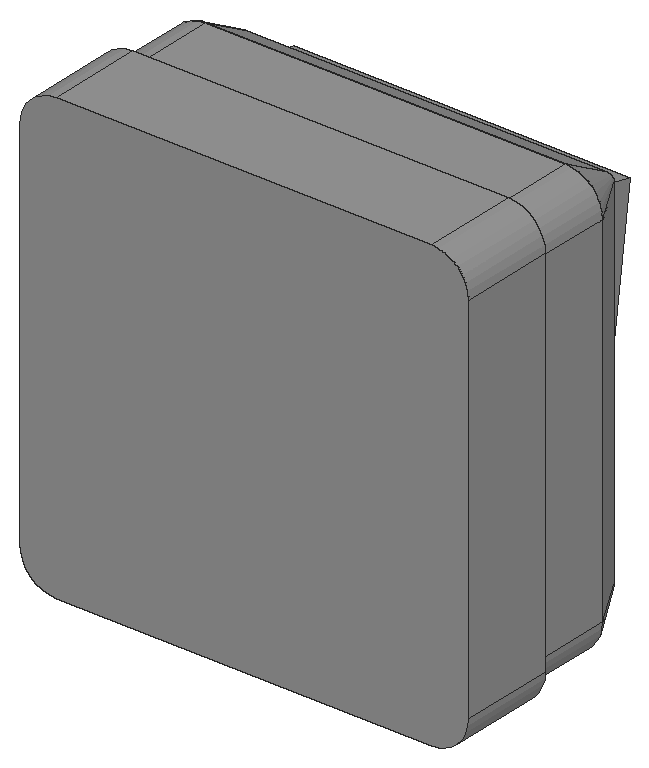
Revit family "IEK_Выключатель_ОткрытойУстановки_10А 1-клавишный IP20_ОКТАВА", category Выключатели, Revit 2019
Family settings
  Сохранять ориентацию аннотаций = Да
  Размер круглого соединителя = Использовать диаметр
  Тип детали = Нормальный
  На основе рабочей плоскости = Нет
  Всегда вертикально = Да
  При загрузке вырезать с полостями = Нет
  Общий = Нет
  Точка расчета площади = Нет
Parameters (values of type "ВСк20-1-0-ОКм")
  Ширина = 61 mm  # constant formula
  Тип монтажа = "Поверхность монтажа (открытая установка)"  # constant formula
  Степень защиты = "IP20"  # constant formula
  Изготовитель = "IEK"  # constant formula
  Дата изменения = ""
  Глубина = 37 mm  # constant formula
  Высота = 61 mm  # constant formula
  ΔХ [instance] = 2000 mm
  ΔY [instance] = 2000 mm
  KSI_CPr_Строительные изделия = "20.4.01"  # constant formula
  KSI_CMa_Строительные материалы = "01.7.14.03"  # constant formula
  IEK_Цена за единицу = 95.36
  IEK_Поиск в таблице имен = ""
  IEK_Описание = "Универсальный дизайн серии открытой установки \"ОКТАВА\" позволяет устанавливать изделия в квартирах, загородных домах, офисных и производственных помещениях."
  IEK_URL = "https://www.iek.ru/products/catalog/izdeliya_elektroustanovochnye_udliniteli_i_silovye_razemy/elektroustanovochnye_izdeliya/elektroustanovochnye_izdeliya_otkrytogo_montazha_ip20/elektroustanovochnye_izdeliya_oktava/elektroustanovochnye_izdeliya_oktava_tsvet_kremovyy/vyklyuchatel_1_klavishnyy_dlya_otkrytoy_ustanovki_knopochnyy_vsk20_1_0_okm_10a_oktava_kremovyy_iek"
  ADSK_Ток [instance] = 10 A  # constant formula
  ADSK_Примечание = ""
  ADSK_Полная мощность [instance] = ADSK_Номинальная мощность / ADSK_Коэффициент мощности  # 2200 VA
  ADSK_Позиция [instance] = ""
  ADSK_Номинальная мощность [instance] = ADSK_Ток * ADSK_Напряжение * sqrt(ADSK_Количество фаз числовое) * ADSK_Коэффициент мощности  # 2200 W
  ADSK_Напряжение = 220 V
  ADSK_Наименование = "Выключатель 1-клавишный для открытой установки кнопочный ВСк20-1-0-ОКм 10А ОКТАВА кремовый IEK"
  ADSK_Материал обозначение = ""
  ADSK_Материал наименование = "Пластик"  # constant formula
  ADSK_Материал = Цвет кремовый
  ADSK_Масса = 0.054  # constant formula
  ADSK_Марка = "ОКТАВА"  # constant formula
  ADSK_Коэффициент мощности [instance] = 1  # constant formula
  ADSK_Количество фаз числовое = 1
  ADSK_Количество фаз = 1
  ADSK_Код изделия = "EVO13-K33-10-DC"
  ADSK_Классификация нагрузок [instance] = Прочее
  ADSK_Завод-изготовитель = "IEK"  # constant formula
  ADSK_Единица измерения = "шт"  # constant formula
  ADSK_Группирование = "III ЭЛЕКТРОУСТАНОВОЧНЫЕ И ЭЛЕКТРОМОНТАЖНЫЕ ИЗДЕЛИЯ"  # constant formula
  ADSK_Версия семейства = "1.0"  # constant formula
  ADSK_Версия Revit = "2019"  # constant formula
  ADSK_URL страницы изделия = "https://www.iek.ru/products/catalog/izdeliya_elektroustanovochnye_udliniteli_i_silovye_razemy/elektroustanovochnye_izdeliya/elektroustanovochnye_izdeliya_otkrytogo_montazha_ip20/elektroustanovochnye_izdeliya_oktava/?pagec=10"
Types (4, lengths in mm): name | IEK_Цена за единицу | IEK_URL | ADSK_Наименование | ADSK_Материал | ADSK_Код изделия
  (no name) | 95.36 | "https://www.iek.ru/products/catalog/izdeliya_elektroustanovochnye_udliniteli_i_silovye_razemy/elektroustanovochnye_izdeliya/elektroustanovochnye_izdeliya_otkrytogo_montazha_ip20/elektroustanovochnye_izdeliya_oktava/elektroustanovochnye_izdeliya_oktava_tsvet_kremovyy/vyklyuchatel_1_klavishnyy_dlya_otkrytoy_ustanovki_knopochnyy_vsk20_1_0_okm_10a_oktava_kremovyy_iek" | "Выключатель 1-клавишный для открытой установки кнопочный ВСк20-1-0-ОКм 10А ОКТАВА кремовый IEK" | Цвет кремовый | "EVO13-K33-10-DC"
  ВСк20-1-0-ОКм | 95.36 | "https://www.iek.ru/products/catalog/izdeliya_elektroustanovochnye_udliniteli_i_silovye_razemy/elektroustanovochnye_izdeliya/elektroustanovochnye_izdeliya_otkrytogo_montazha_ip20/elektroustanovochnye_izdeliya_oktava/elektroustanovochnye_izdeliya_oktava_tsvet_kremovyy/vyklyuchatel_1_klavishnyy_dlya_otkrytoy_ustanovki_knopochnyy_vsk20_1_0_okm_10a_oktava_kremovyy_iek" | "Выключатель 1-клавишный для открытой установки кнопочный ВСк20-1-0-ОКм 10А ОКТАВА кремовый IEK" | Цвет кремовый | "EVO13-K33-10-DC"
  ВС20-1-0-ОКм | 88.66 | "https://www.iek.ru/products/catalog/izdeliya_elektroustanovochnye_udliniteli_i_silovye_razemy/elektroustanovochnye_izdeliya/elektroustanovochnye_izdeliya_otkrytogo_montazha_ip20/elektroustanovochnye_izdeliya_oktava/elektroustanovochnye_izdeliya_oktava_tsvet_kremovyy/vyklyuchatel_1_klavishnyy_dlya_otkrytoy_ustanovki_vs20_1_0_okm_10a_oktava_kremovyy_iek" | "Выключатель 1-клавишный для открытой установки ВС20-1-0-ОКм 10А ОКТАВА кремовый IEK" | Цвет кремовый | "EVO10-K33-10-DC"
  ВС20-1-0-ОС | 161.86 | "https://www.iek.ru/products/catalog/izdeliya_elektroustanovochnye_udliniteli_i_silovye_razemy/elektroustanovochnye_izdeliya/elektroustanovochnye_izdeliya_otkrytogo_montazha_ip20/elektroustanovochnye_izdeliya_oktava/elektroustanovochnye_izdeliya_oktava_tsvet_sosna/vyklyuchatel_1_klavishnyy_dlya_otkrytoy_ustanovki_vs20_1_0_os_10a_oktava_sosna_iek" | "Выключатель 1-клавишный для открытой установки ВС20-1-0-ОС 10А ОКТАВА сосна IEK" | Цвет сосна | "EVO10-K03-10-DC"
Reference planes
  plane 1 "По центру (Вперед/Назад)": y = 0
  plane 2: z = 0
  plane 3 "По центру (Влево/Вправо)": x = 0
  plane 4 "Высота ножек": z = 280
  plane 5 "Высота": z = 2081.496
  plane 6: x = -2000
  plane 7: y = 2000
Forms (mm)
  Extrusion 1, solid, detail levels coarse
    sketch origin (0, 24, 0) x (1, 0, 0) y (0, 1, 0)
      loop
        line (-30.5, -24) -> (30.5, -24) -> (30.5, 13) -> (-30.5, 13) -> (-30.5, -24)
    from 0 to 61
  Extrusion 2, solid, detail levels medium
    sketch origin (0, 24, 0) x (1, 0, 0) y (0, 1, 0)
      loop
        line (-30.5, 13) -> (-30.5, -24) -> (30.5, -24) -> (30.5, 13) -> (-30.5, 13)
    from 0 to 61
  Extrusion 3, solid, material "Цвет кремовый" <- "ADSK_Материал", detail levels fine
    sketch origin (0, 0, 30.5) x (1, 0, 0) y (0, 0, -1)
      loop
        line (-30.5, 25.5) -> (-30.5, -25.5)
        arc (-30.5, -25.5) -> (-29.036, -29.036) -> (-25.5, -30.5) r 5
        line (-25.5, -30.5) -> (25.5, -30.5)
        arc (25.5, -30.5) -> (29.036, -29.036) -> (30.5, -25.5) r 5
        line (30.5, -25.5) -> (30.5, 25.5)
        arc (30.5, 25.5) -> (29.036, 29.036) -> (25.5, 30.5) r 5
        line (25.5, 30.5) -> (-25.5, 30.5)
        arc (-25.5, 30.5) -> (-29.036, 29.036) -> (-30.5, 25.5) r 5
    from 0 to 13
  Extrusion 4, solid, material "Цвет кремовый" <- "ADSK_Материал", detail levels fine
    sketch origin (0, 0, 30.5) x (1, 0, 0) y (0, 0, -1)
      loop
        line (-29.5, 24.462) -> (-29.5, -24.462)
        arc (-29.5, -24.462) -> (-28.024, -28.024) -> (-24.462, -29.5) r 5.038
        line (-24.462, -29.5) -> (24.505, -29.5)
        arc (24.505, -29.5) -> (28.037, -28.037) -> (29.5, -24.505) r 4.995
        line (29.5, -24.505) -> (29.5, 24.505)
        arc (29.5, 24.505) -> (28.037, 28.037) -> (24.505, 29.5) r 4.995
        line (24.505, 29.5) -> (-24.462, 29.5)
        arc (-24.462, 29.5) -> (-28.024, 28.024) -> (-29.5, 24.462) r 5.038
    from 13 to 24
  Blend 5, solid, material "Цвет кремовый" <- "ADSK_Материал", detail levels fine
    base sketch origin (0, 0, 30.5) x (1, 0, 0) y (0, 0, -1)
      loop
        line (-29.5, 24.462) -> (-29.5, -24.462)
        arc (-29.5, -24.462) -> (-28.024, -28.024) -> (-24.462, -29.5) r 5.038
        line (-24.462, -29.5) -> (24.505, -29.5)
        arc (24.505, -29.5) -> (28.037, -28.037) -> (29.5, -24.505) r 4.995
        line (29.5, -24.505) -> (29.5, 24.505)
        arc (29.5, 24.505) -> (28.037, 28.037) -> (24.505, 29.5) r 4.995
        line (24.505, 29.5) -> (-24.462, 29.5)
        arc (-24.462, 29.5) -> (-28.024, 28.024) -> (-29.5, 24.462) r 5.038
    top sketch origin (0, 0, 30.5) x (1, 0, 0) y (0, 0, -1)
      loop
        line (-25.459, 24.5) -> (-25.459, -24.5)
        arc (-25.459, -24.5) -> (-25.178, -25.178) -> (-24.5, -25.459) r 0.959
        line (-24.5, -25.459) -> (24.5, -25.459)
        arc (24.5, -25.459) -> (25.178, -25.178) -> (25.459, -24.5) r 0.959
        line (25.459, -24.5) -> (25.459, 24.5)
        arc (25.459, 24.5) -> (25.178, 25.178) -> (24.5, 25.459) r 0.959
        line (24.5, 25.459) -> (-24.5, 25.459)
        arc (-24.5, 25.459) -> (-25.178, 25.178) -> (-25.459, 24.5) r 0.959
    from 24 to 31
  Extrusion 6, void
    sketch origin (0, 0, 30.5) x (1, 0, 0) y (0, 0, -1)
      loop
        arc (-23.459, -21.459) -> (-22.873, -22.873) -> (-21.459, -23.459) r 2
        line (-21.459, -23.459) -> (21.459, -23.459)
        arc (21.459, -23.459) -> (22.873, -22.873) -> (23.459, -21.459) r 2
        line (23.459, -21.459) -> (23.459, 21.459)
        arc (23.459, 21.459) -> (22.873, 22.873) -> (21.459, 23.459) r 2
        line (21.459, 23.459) -> (-21.459, 23.459)
        arc (-21.459, 23.459) -> (-22.873, 22.873) -> (-23.459, 21.459) r 2
        line (-23.459, 21.459) -> (-23.459, -21.459)
    from 30.5 to 31
  Extrusion 7, solid, material "Цвет кремовый" <- "ADSK_Материал", detail levels fine
    sketch origin (0, 0, 30.5) x (0, 0, -1) y (0, 1, 0)
      loop
        line (-23, 30.5) -> (23, 30.5) -> (-21.529, 37) -> (-23, 30.5)
    from -22.8 to 22.8
Cuts and joins
  Extrusion 6 cuts Blend 5
Lines and regions (mm)
  reference lines
    curve 1: line (0, 44.647, 0) -> (0, -55.353, 0)
    curve 2: line (-23.829, 0, 0) -> (76.171, 0, 0)
Dimensions and locks
  locked: plane 4 "Высота ножек" to plane 2 at 280
  plane 5 "Высота" to plane 4 "Высота ножек" = 1801.496 mm
  "ΔХ": plane 6 to curve 1
  "ΔY": plane 7 to curve 2
  aligned and locked: level to plane 2
  aligned and locked: curve 2 to nested 1
  aligned and locked: nested 1 to curve 1
  aligned and locked: Blend 5 to Extrusion 4
Automatic sketch dimensions
  Extrusion 1 sketch curve to plane 1 "По центру (Вперед/Назад)" = 37 mm
  Extrusion 1 sketch curve to plane 3 "По центру (Влево/Вправо)" = 30.5 mm
  plane 3 "По центру (Влево/Вправо)" to Extrusion 1 sketch curve = 30.5 mm
  plane 1 "По центру (Вперед/Назад)" to Extrusion 1 sketch curve = 0 mm
  Extrusion 2 sketch curve to plane 3 "По центру (Влево/Вправо)" = 30.5 mm
  plane 3 "По центру (Влево/Вправо)" to Extrusion 2 sketch curve = 30.5 mm
  plane 1 "По центру (Вперед/Назад)" to Extrusion 2 sketch curve = 0 mm
  Extrusion 2 sketch curve to plane 1 "По центру (Вперед/Назад)" = 37 mm
  level to Extrusion 3 sketch curve = 5 mm  (x2)
  Extrusion 3 sketch curve to plane 3 "По центру (Влево/Вправо)" = 30.5 mm
  Extrusion 3 sketch curve to Extrusion 3 sketch curve = 5 mm  (x2)
  plane 3 "По центру (Влево/Вправо)" to Extrusion 3 sketch curve = 25.5 mm  (x2)
  level to Extrusion 3 sketch curve = 56 mm
  Extrusion 4 sketch curve to plane 3 "По центру (Влево/Вправо)" = 29.5 mm
  Extrusion 4 sketch curve to Extrusion 4 sketch curve = 5.038 mm  (x2)
  level to Extrusion 4 sketch curve = 1 mm
  plane 3 "По центру (Влево/Вправо)" to Extrusion 4 sketch curve = 24.505 mm  (x2)
  Extrusion 4 sketch curve to Extrusion 4 sketch curve = 4.995 mm
  level to Extrusion 4 sketch curve = 54.962 mm
  Extrusion 4 sketch curve to Extrusion 4 sketch curve = 0 mm  (x2)
  level to Blend 5 sketch curve = 6.038 mm
  Blend 5 sketch curve to plane 3 "По центру (Влево/Вправо)" = 29.5 mm
  Blend 5 sketch curve to Blend 5 sketch curve = 5.038 mm  (x2)
  plane 3 "По центру (Влево/Вправо)" to Blend 5 sketch curve = 24.505 mm  (x2)
  level to Blend 5 sketch curve = 5.995 mm
  level to Blend 5 sketch curve = 54.962 mm
  level to Blend 5 sketch curve = 6 mm  (x2)
  Blend 5 sketch curve to plane 3 "По центру (Влево/Вправо)" = 25.459 mm
  Blend 5 sketch curve to Blend 5 sketch curve = 0.959 mm  (x2)
  plane 3 "По центру (Влево/Вправо)" to Blend 5 sketch curve = 24.5 mm  (x2)
  level to Blend 5 sketch curve = 55 mm
  Extrusion 6 sketch curve to plane 3 "По центру (Влево/Вправо)" = 23.459 mm
  Extrusion 6 sketch curve to Extrusion 6 sketch curve = 2 mm  (x3)
  level to Extrusion 6 sketch curve = 7.041 mm
  plane 3 "По центру (Влево/Вправо)" to Extrusion 6 sketch curve = 21.459 mm  (x2)
  level to Extrusion 6 sketch curve = 51.959 mm
  Extrusion 7 sketch curve to plane 1 "По центру (Вперед/Назад)" = 30.5 mm
  level to Extrusion 7 sketch curve = 53.5 mm
  Extrusion 7 sketch curve to plane 1 "По центру (Вперед/Назад)" = 37 mm
  Extrusion 7 sketch curve to Extrusion 7 sketch curve = 1.471 mm
  level to Extrusion 7 sketch curve = 7.5 mm
  curve 2 to plane 3 "По центру (Влево/Вправо)" = 23.829 mm
  plane 3 "По центру (Влево/Вправо)" to curve 2 = 76.171 mm
  plane 1 "По центру (Вперед/Назад)" to curve 1 = 55.353 mm
  curve 1 to plane 1 "По центру (Вперед/Назад)" = 44.647 mm
Nested families
  nested 1: "УГО Выключателя" at (0, 0, 0), type "1K-O", detail levels coarse+medium
    with IP44 no
Connectors
  electrical at (0, 0, 30.5), driven by "ADSK_Количество фаз", driven by "ADSK_Классификация нагрузок", driven by "ADSK_Напряжение", driven by "ADSK_Полная мощность", driven by "ADSK_Коэффициент мощности"
    settings: on Extrusion 1, index 1, voltage 220 V, apparent load 0 VA, apparent load phase1 2200 VA, apparent load phase2 0 VA, apparent load phase3 0 VA, power factor 1, load classification "Прочее", number of poles 1, system type 31, power factor state 1, is connector primary yes, connector utility no, sub classification motor no, connector description ""
Definition of nested family "УГО Выключателя"
  Parameters (values of type "3K-O")
    IP44 [instance] = no
    3K-C = no
    2K-C = no
    1K-C = no
    3K-O = yes
    2K-O = no
    1K-O = no
  Types (6, lengths in mm): name | 3K-C | 2K-C | 1K-C | 3K-O | 2K-O | 1K-O
    2K-O | no | no | no | no | yes | no
    3K-O | no | no | no | yes | no | no
    2K-C | no | yes | no | no | no | no
    1K-O | no | no | no | no | no | yes
    1K-C | no | no | yes | no | no | no
    3K-C | yes | no | no | no | no | no
  Reference planes
    plane 1: y = 0
    plane 2: x = 0
  Lines and regions (mm)
    Filled region 1, type "Цветовая область 1", visible <- "IP44", not visible
      outline origin (0, 0, 0) x (1, 0, 0) y (0, 1, 0)
        loop
          circle (0, 2.214) r 0.994
    Filled region 2, type "Цветовая область 1", visible <- "IP44", not visible
      outline origin (-1.562, 0, 0) x (1, 0, 0) y (0, 1, 0)
        loop
          circle (11.009, 9.276) r 0.994
    Filled region 3, type "Цветовая область 1", visible <- "IP44", not visible
      outline origin (-1.562, 0, 0) x (1, 0, 0) y (0, 1, 0)
        loop
          circle (23.521, 9.279) r 0.994
    Filled region 4, type "Цветовая область 1", visible <- "IP44", not visible
      outline origin (0, 0, 0) x (1, 0, 0) y (0, 1, 0)
        loop
          circle (28.604, 9.279) r 0.994
    Filled region 5, type "Цветовая область 1", visible <- "IP44", not visible
      outline origin (0, 0, 0) x (1, 0, 0) y (0, 1, 0)
        loop
          circle (32.789, 9.279) r 0.994
    Filled region 6, type "Цветовая область 1", visible <- "IP44"
      outline origin (0, 0, 0) x (1, 0, 0) y (0, 1, 0)
        loop
          circle (0.006, 0.994) r 0.994
    Filled region 7, type "Цветовая область 1", visible <- "IP44"
      outline origin (0, 0, 0) x (1, 0, 0) y (0, 1, 0)
        loop
          circle (0.006, 0.994) r 0.994
    Filled region 8, type "Цветовая область 1", visible <- "IP44"
      outline origin (-1.562, 0, 0) x (1, 0, 0) y (0, 1, 0)
        loop
          circle (1.569, 0.994) r 0.994
    Filled region 9, type "Цветовая область 1", visible <- "IP44"
      outline origin (0, 0, 0) x (1, 0, 0) y (0, 1, 0)
        loop
          circle (0.006, 0.994) r 0.994
    Filled region 10, type "Цветовая область 1", visible <- "IP44", not visible
      outline origin (0, 0, 0) x (1, 0, 0) y (0, 1, 0)
        loop
          circle (15.057, 15.33) r 0.994
    Filled region 11, type "Цветовая область 1", visible <- "IP44"
      outline origin (-1.562, 0, 0) x (1, 0, 0) y (0, 1, 0)
        loop
          circle (1.569, 0.994) r 0.994
    Filled region 12, type "Цветовая область 1", visible <- "IP44"
      outline origin (0, 0, 0) x (1, 0, 0) y (0, 1, 0)
        loop
          circle (0.006, 0.994) r 0.994
    detail lines, visible <- "3K-O", not visible
      curve 1: line (0.86, 2.711, 0) -> (3.031, 3.964, 0)
      curve 2: line (0.639, 2.975, 0) -> (2.25, 4.895, 0)
      curve 3: line (0.323, 3.154, 0) -> (1.139, 5.524, 0)
      curve 4: circle (0, 2.214, 0) r 0.994 normal (0, 0, 1)
      curve 5: line (3.031, 3.964, 0) -> (3.431, 3.272, 0)
      curve 6: line (2.25, 4.895, 0) -> (2.863, 4.381, 0)
      curve 7: line (1.139, 5.524, 0) -> (1.896, 5.263, 0)
    detail lines, visible <- "2K-O", not visible
      curve 8: line (10.196, 9.928, 0) -> (12.088, 11.572, 0)
      curve 9: line (9.928, 10.145, 0) -> (11.143, 12.337, 0)
      curve 10: circle (9.446, 9.276, 0) r 0.994 normal (0, 0, 1)
      curve 11: line (12.088, 11.572, 0) -> (12.613, 10.968, 0)
      curve 12: line (11.143, 12.337, 0) -> (11.843, 11.949, 0)
    detail lines, visible <- "1K-O", not visible
      curve 13: line (15.627, 16.144, 0) -> (17.201, 18.393, 0)
      curve 14: circle (15.057, 15.33, 0) r 0.994 normal (0, 0, 1)
      curve 15: line (17.201, 18.393, 0) -> (17.857, 17.934, 0)
    detail lines, visible <- "3K-C", not visible
      curve 16: line (22.819, 9.775, 0) -> (24.99, 11.029, 0)
      curve 17: line (22.597, 10.04, 0) -> (24.208, 11.96, 0)
      curve 18: line (22.282, 10.218, 0) -> (23.098, 12.588, 0)
      curve 19: circle (21.958, 9.279, 0) r 0.994 normal (0, 0, 1)
      curve 20: line (24.765, 11.418, 0) -> (25.215, 10.639, 0)
      curve 21: line (23.863, 12.249, 0) -> (24.553, 11.67, 0)
      curve 22: line (22.672, 12.734, 0) -> (23.523, 12.441, 0)
    detail lines, visible <- "2K-C", not visible
      curve 23: line (29.354, 9.93, 0) -> (31.246, 11.575, 0)
      curve 24: line (29.086, 10.148, 0) -> (30.301, 12.34, 0)
      curve 25: circle (28.604, 9.279, 0) r 0.994 normal (0, 0, 1)
      curve 26: line (30.951, 11.914, 0) -> (31.541, 11.235, 0)
      curve 27: line (29.908, 12.558, 0) -> (30.695, 12.122, 0)
    detail lines, visible <- "1K-C", not visible
      curve 28: line (33.359, 10.092, 0) -> (34.797, 12.146, 0)
      curve 29: circle (32.789, 9.279, 0) r 0.994 normal (0, 0, 1)
      curve 30: line (34.428, 12.404, 0) -> (35.165, 11.887, 0)
    detail lines
      curve 31: line (0.006, 0, 0) -> (0.006, 2.454, 0)
      curve 32: line (0.006, 0, 0) -> (2.217, 0, 0)
    detail lines, visible <- "1K-C"
      curve 33: line (0.576, 1.808, 0) -> (2.014, 3.861, 0)
      curve 34: circle (0.006, 0.994, 0) r 0.994 normal (0, 0, 1)
      curve 35: line (1.645, 4.119, 0) -> (2.383, 3.603, 0)
    detail lines, visible <- "2K-C"
      curve 36: line (0.756, 1.645, 0) -> (2.648, 3.29, 0)
      curve 37: line (0.488, 1.863, 0) -> (1.703, 4.055, 0)
      curve 38: circle (0.006, 0.994, 0) r 0.994 normal (0, 0, 1)
      curve 39: line (2.353, 3.629, 0) -> (2.943, 2.95, 0)
      curve 40: line (1.31, 4.273, 0) -> (2.097, 3.837, 0)
    detail lines, visible <- "3K-C"
      curve 41: line (0.867, 1.49, 0) -> (3.037, 2.744, 0)
      curve 42: line (0.645, 1.755, 0) -> (2.256, 3.675, 0)
      curve 43: line (0.33, 1.933, 0) -> (1.146, 4.303, 0)
      curve 44: circle (0.006, 0.994, 0) r 0.994 normal (0, 0, 1)
      curve 45: line (2.812, 3.133, 0) -> (3.262, 2.354, 0)
      curve 46: line (1.911, 3.964, 0) -> (2.601, 3.386, 0)
      curve 47: line (0.72, 4.449, 0) -> (1.571, 4.156, 0)
    detail lines, visible <- "1K-O"
      curve 48: line (0.576, 1.808, 0) -> (2.151, 4.056, 0)
      curve 49: circle (0.006, 0.994, 0) r 0.994 normal (0, 0, 1)
      curve 50: line (2.151, 4.056, 0) -> (2.806, 3.597, 0)
    detail lines, visible <- "2K-O"
      curve 51: line (0.756, 1.645, 0) -> (2.648, 3.29, 0)
      curve 52: line (0.488, 1.863, 0) -> (1.703, 4.055, 0)
      curve 53: circle (0.006, 0.994, 0) r 0.994 normal (0, 0, 1)
      curve 54: line (2.648, 3.29, 0) -> (3.173, 2.686, 0)
      curve 55: line (1.703, 4.055, 0) -> (2.403, 3.667, 0)
    detail lines, visible <- "3K-O"
      curve 56: line (0.867, 1.49, 0) -> (3.037, 2.744, 0)
      curve 57: line (0.645, 1.755, 0) -> (2.256, 3.675, 0)
      curve 58: line (0.33, 1.933, 0) -> (1.146, 4.303, 0)
      curve 59: circle (0.006, 0.994, 0) r 0.994 normal (0, 0, 1)
      curve 60: line (3.037, 2.744, 0) -> (3.437, 2.051, 0)
      curve 61: line (2.256, 3.675, 0) -> (2.869, 3.161, 0)
      curve 62: line (1.146, 4.303, 0) -> (1.902, 4.042, 0)
